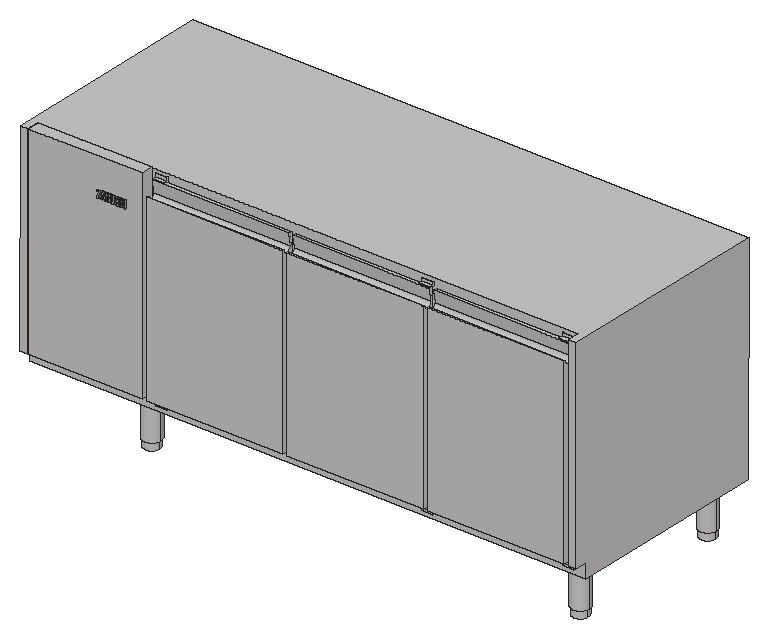
Revit family "QF_ZANUSSI_111036_ZH3H7AAA", category Specialty Equipment, Revit 2018 (continued)
Definition of nested family "ZAN_Cooling Unit"
  Lines and regions (mm)
    Split face 132
      outline origin (110.032, 2, -137.098) x (0, 0, 1) y (-1, 0, 0)
        loop
          arc (502.647, 116.535) -> (506.648, 112.533) -> (510.649, 116.535) r 4.001
          line (510.649, 116.535) -> (510.649, 158.547)
    Split face 133
      outline origin (110.032, 2, -149.101) x (0, 0, 1) y (-1, 0, 0)
        loop
          arc (510.649, 158.547) -> (506.648, 162.548) -> (502.647, 158.547) r 4.001
          line (502.647, 158.547) -> (502.647, 116.535)
          arc (502.647, 116.535) -> (506.648, 112.533) -> (510.649, 116.535) r 4.001
          line (510.649, 116.535) -> (510.649, 158.547)
    Split face 134
      outline origin (110.032, 2, -161.105) x (0, 0, 1) y (-1, 0, 0)
        loop
          arc (510.649, 158.547) -> (506.648, 162.548) -> (502.647, 158.547) r 4.001
          line (502.647, 158.547) -> (502.647, 116.535)
          arc (502.647, 116.535) -> (506.648, 112.533) -> (510.649, 116.535) r 4.001
          line (510.649, 116.535) -> (510.649, 158.547)
    Split face 135
      outline origin (110.032, 2, -173.108) x (0, 0, 1) y (-1, 0, 0)
        loop
          arc (510.649, 158.547) -> (506.648, 162.548) -> (502.647, 158.547) r 4.001
          line (502.647, 158.547) -> (502.647, 116.535)
          arc (502.647, 116.535) -> (506.648, 112.533) -> (510.649, 116.535) r 4.001
          line (510.649, 116.535) -> (510.649, 158.547)
    Split face 136
      outline origin (110.032, 2, -185.112) x (0, 0, 1) y (-1, 0, 0)
        loop
          arc (510.649, 158.547) -> (506.648, 162.548) -> (502.647, 158.547) r 4.001
          line (502.647, 158.547) -> (502.647, 116.535)
          arc (502.647, 116.535) -> (506.648, 112.533) -> (510.649, 116.535) r 4.001
          line (510.649, 116.535) -> (510.649, 158.547)
    Split face 137
      outline origin (110.032, 2, -197.115) x (0, 0, 1) y (-1, 0, 0)
        loop
          arc (510.649, 158.547) -> (506.648, 162.548) -> (502.647, 158.547) r 4.001
          line (502.647, 158.547) -> (502.647, 116.535)
          arc (502.647, 116.535) -> (506.648, 112.533) -> (510.649, 116.535) r 4.001
          line (510.649, 116.535) -> (510.649, 158.547)
    Split face 138
      outline origin (110.032, 2, -209.119) x (0, 0, 1) y (-1, 0, 0)
        loop
          arc (510.649, 158.547) -> (506.648, 162.548) -> (502.647, 158.547) r 4.001
          line (502.647, 158.547) -> (502.647, 116.535)
          arc (502.647, 116.535) -> (506.648, 112.533) -> (510.649, 116.535) r 4.001
          line (510.649, 116.535) -> (510.649, 158.547)
    Split face 139
      outline origin (110.032, 2, -221.122) x (0, 0, 1) y (-1, 0, 0)
        loop
          arc (510.649, 158.547) -> (506.648, 162.548) -> (502.647, 158.547) r 4.001
          line (502.647, 158.547) -> (502.647, 116.535)
          arc (502.647, 116.535) -> (506.648, 112.533) -> (510.649, 116.535) r 4.001
          line (510.649, 116.535) -> (510.649, 158.547)
    Split face 140
      outline origin (110.032, 2, -233.126) x (0, 0, 1) y (-1, 0, 0)
        loop
          arc (510.649, 158.547) -> (506.648, 162.548) -> (502.647, 158.547) r 4.001
          line (502.647, 158.547) -> (502.647, 116.535)
          arc (502.647, 116.535) -> (506.648, 112.533) -> (510.649, 116.535) r 4.001
          line (510.649, 116.535) -> (510.649, 158.547)
    Split face 141
      outline origin (110.032, 2, -245.129) x (0, 0, 1) y (-1, 0, 0)
        loop
          arc (510.649, 158.547) -> (506.648, 162.548) -> (502.647, 158.547) r 4.001
          line (502.647, 158.547) -> (502.647, 116.535)
          arc (502.647, 116.535) -> (506.648, 112.533) -> (510.649, 116.535) r 4.001
          line (510.649, 116.535) -> (510.649, 158.547)
    Split face 142
      outline origin (110.032, 2, -257.133) x (0, 0, 1) y (-1, 0, 0)
        loop
          arc (510.649, 158.547) -> (506.648, 162.548) -> (502.647, 158.547) r 4.001
          line (502.647, 158.547) -> (502.647, 116.535)
          arc (502.647, 116.535) -> (506.648, 112.533) -> (510.649, 116.535) r 4.001
          line (510.649, 116.535) -> (510.649, 158.547)
    Split face 143
      outline origin (110.032, 2, -269.136) x (0, 0, 1) y (-1, 0, 0)
        loop
          arc (510.649, 158.547) -> (506.648, 162.548) -> (502.647, 158.547) r 4.001
          line (502.647, 158.547) -> (502.647, 116.535)
          arc (502.647, 116.535) -> (506.648, 112.533) -> (510.649, 116.535) r 4.001
          line (510.649, 116.535) -> (510.649, 158.547)
    Split face 144
      outline origin (110.032, 2, -281.14) x (0, 0, 1) y (-1, 0, 0)
        loop
          arc (510.649, 158.547) -> (506.648, 162.548) -> (502.647, 158.547) r 4.001
          line (502.647, 158.547) -> (502.647, 116.535)
          arc (502.647, 116.535) -> (506.648, 112.533) -> (510.649, 116.535) r 4.001
          line (510.649, 116.535) -> (510.649, 158.547)
    Split face 145
      outline origin (110.032, 2, -293.144) x (0, 0, 1) y (-1, 0, 0)
        loop
          arc (510.649, 158.547) -> (506.648, 162.548) -> (502.647, 158.547) r 4.001
          line (502.647, 158.547) -> (502.647, 116.535)
          arc (502.647, 116.535) -> (506.648, 112.533) -> (510.649, 116.535) r 4.001
          line (510.649, 116.535) -> (510.649, 158.547)
    Split face 146
      outline origin (165.048, 2, -113.091) x (0, 0, 1) y (-1, 0, 0)
        loop
          arc (510.649, 158.547) -> (506.648, 162.548) -> (502.647, 158.547) r 4.001
          line (502.647, 158.547) -> (502.647, 116.535)
          arc (502.647, 116.535) -> (506.648, 112.533) -> (510.649, 116.535) r 4.001
          line (510.649, 116.535) -> (510.649, 158.547)
    Split face 147
      outline origin (165.048, 2, -125.094) x (0, 0, 1) y (-1, 0, 0)
        loop
          arc (510.649, 158.547) -> (506.648, 162.548) -> (502.647, 158.547) r 4.001
          line (502.647, 158.547) -> (502.647, 116.535)
          arc (502.647, 116.535) -> (506.648, 112.533) -> (510.649, 116.535) r 4.001
          line (510.649, 116.535) -> (510.649, 158.547)
    Split face 148
      outline origin (165.048, 2, -137.098) x (0, 0, 1) y (-1, 0, 0)
        loop
          arc (510.649, 158.547) -> (506.648, 162.548) -> (502.647, 158.547) r 4.001
          line (502.647, 158.547) -> (502.647, 116.535)
          arc (502.647, 116.535) -> (506.648, 112.533) -> (510.649, 116.535) r 4.001
          line (510.649, 116.535) -> (510.649, 158.547)
    Split face 149
      outline origin (165.048, 2, -149.101) x (0, 0, 1) y (-1, 0, 0)
        loop
          arc (510.649, 158.547) -> (506.648, 162.548) -> (502.647, 158.547) r 4.001
          line (502.647, 158.547) -> (502.647, 116.535)
          arc (502.647, 116.535) -> (506.648, 112.533) -> (510.649, 116.535) r 4.001
          line (510.649, 116.535) -> (510.649, 158.547)
    Split face 150
      outline origin (165.048, 2, -161.105) x (0, 0, 1) y (-1, 0, 0)
        loop
          arc (510.649, 158.547) -> (506.648, 162.548) -> (502.647, 158.547) r 4.001
          line (502.647, 158.547) -> (502.647, 116.535)
          arc (502.647, 116.535) -> (506.648, 112.533) -> (510.649, 116.535) r 4.001
          line (510.649, 116.535) -> (510.649, 158.547)
    Split face 151
      outline origin (165.048, 2, -173.108) x (0, 0, 1) y (-1, 0, 0)
        loop
          arc (510.649, 158.547) -> (506.648, 162.548) -> (502.647, 158.547) r 4.001
          line (502.647, 158.547) -> (502.647, 116.535)
          arc (502.647, 116.535) -> (506.648, 112.533) -> (510.649, 116.535) r 4.001
          line (510.649, 116.535) -> (510.649, 158.547)
    Split face 152
      outline origin (165.048, 2, -185.112) x (0, 0, 1) y (-1, 0, 0)
        loop
          arc (510.649, 158.547) -> (506.648, 162.548) -> (502.647, 158.547) r 4.001
          line (502.647, 158.547) -> (502.647, 116.535)
          arc (502.647, 116.535) -> (506.648, 112.533) -> (510.649, 116.535) r 4.001
          line (510.649, 116.535) -> (510.649, 158.547)
    Split face 153
      outline origin (165.048, 2, -197.115) x (0, 0, 1) y (-1, 0, 0)
        loop
          arc (510.649, 158.547) -> (506.648, 162.548) -> (502.647, 158.547) r 4.001
          line (502.647, 158.547) -> (502.647, 116.535)
          arc (502.647, 116.535) -> (506.648, 112.533) -> (510.649, 116.535) r 4.001
          line (510.649, 116.535) -> (510.649, 158.547)
    Split face 154
      outline origin (165.048, 2, -209.119) x (0, 0, 1) y (-1, 0, 0)
        loop
          arc (510.649, 158.547) -> (506.648, 162.548) -> (502.647, 158.547) r 4.001
          line (502.647, 158.547) -> (502.647, 116.535)
          arc (502.647, 116.535) -> (506.648, 112.533) -> (510.649, 116.535) r 4.001
          line (510.649, 116.535) -> (510.649, 158.547)
    Split face 155
      outline origin (165.048, 2, -221.122) x (0, 0, 1) y (-1, 0, 0)
        loop
          arc (510.649, 158.547) -> (506.648, 162.548) -> (502.647, 158.547) r 4.001
          line (502.647, 158.547) -> (502.647, 116.535)
          arc (502.647, 116.535) -> (506.648, 112.533) -> (510.649, 116.535) r 4.001
          line (510.649, 116.535) -> (510.649, 158.547)
    Split face 156
      outline origin (165.048, 2, -233.126) x (0, 0, 1) y (-1, 0, 0)
        loop
          arc (510.649, 158.547) -> (506.648, 162.548) -> (502.647, 158.547) r 4.001
          line (502.647, 158.547) -> (502.647, 116.535)
          arc (502.647, 116.535) -> (506.648, 112.533) -> (510.649, 116.535) r 4.001
          line (510.649, 116.535) -> (510.649, 158.547)
    Split face 157
      outline origin (165.048, 2, -245.129) x (0, 0, 1) y (-1, 0, 0)
        loop
          arc (510.649, 158.547) -> (506.648, 162.548) -> (502.647, 158.547) r 4.001
          line (502.647, 158.547) -> (502.647, 116.535)
          arc (502.647, 116.535) -> (506.648, 112.533) -> (510.649, 116.535) r 4.001
          line (510.649, 116.535) -> (510.649, 158.547)
    Split face 158
      outline origin (165.048, 2, -257.133) x (0, 0, 1) y (-1, 0, 0)
        loop
          arc (510.649, 158.547) -> (506.648, 162.548) -> (502.647, 158.547) r 4.001
          line (502.647, 158.547) -> (502.647, 116.535)
          arc (502.647, 116.535) -> (506.648, 112.533) -> (510.649, 116.535) r 4.001
          line (510.649, 116.535) -> (510.649, 158.547)
    Split face 159
      outline origin (165.048, 2, -269.136) x (0, 0, 1) y (-1, 0, 0)
        loop
          arc (510.649, 158.547) -> (506.648, 162.548) -> (502.647, 158.547) r 4.001
          line (502.647, 158.547) -> (502.647, 116.535)
          arc (502.647, 116.535) -> (506.648, 112.533) -> (510.649, 116.535) r 4.001
          line (510.649, 116.535) -> (510.649, 158.547)
    Split face 160
      outline origin (165.048, 2, -281.14) x (0, 0, 1) y (-1, 0, 0)
        loop
          arc (510.649, 158.547) -> (506.648, 162.548) -> (502.647, 158.547) r 4.001
          line (502.647, 158.547) -> (502.647, 116.535)
          arc (502.647, 116.535) -> (506.648, 112.533) -> (510.649, 116.535) r 4.001
          line (510.649, 116.535) -> (510.649, 158.547)
    Split face 161
      outline origin (165.048, 2, -293.144) x (0, 0, 1) y (-1, 0, 0)
        loop
          arc (510.649, 158.547) -> (506.648, 162.548) -> (502.647, 158.547) r 4.001
          line (502.647, 158.547) -> (502.647, 116.535)
          arc (502.647, 116.535) -> (506.648, 112.533) -> (510.649, 116.535) r 4.001
          line (510.649, 116.535) -> (510.649, 158.547)
    Split face 162
      outline origin (220.064, 2, -113.091) x (0, 0, 1) y (-1, 0, 0)
        loop
          arc (510.649, 158.547) -> (506.648, 162.548) -> (502.647, 158.547) r 4.001
          line (502.647, 158.547) -> (502.647, 116.535)
          arc (502.647, 116.535) -> (506.648, 112.533) -> (510.649, 116.535) r 4.001
          line (510.649, 116.535) -> (510.649, 158.547)
    Split face 163
      outline origin (220.064, 2, -125.094) x (0, 0, 1) y (-1, 0, 0)
        loop
          arc (510.649, 158.547) -> (506.648, 162.548) -> (502.647, 158.547) r 4.001
          line (502.647, 158.547) -> (502.647, 116.535)
          arc (502.647, 116.535) -> (506.648, 112.533) -> (510.649, 116.535) r 4.001
          line (510.649, 116.535) -> (510.649, 158.547)
    Split face 164
      outline origin (220.064, 2, -137.098) x (0, 0, 1) y (-1, 0, 0)
        loop
          arc (510.649, 158.547) -> (506.648, 162.548) -> (502.647, 158.547) r 4.001
          line (502.647, 158.547) -> (502.647, 116.535)
          arc (502.647, 116.535) -> (506.648, 112.533) -> (510.649, 116.535) r 4.001
          line (510.649, 116.535) -> (510.649, 158.547)
    Split face 165
      outline origin (220.064, 2, -149.101) x (0, 0, 1) y (-1, 0, 0)
        loop
          arc (510.649, 158.547) -> (506.648, 162.548) -> (502.647, 158.547) r 4.001
          line (502.647, 158.547) -> (502.647, 116.535)
          arc (502.647, 116.535) -> (506.648, 112.533) -> (510.649, 116.535) r 4.001
          line (510.649, 116.535) -> (510.649, 158.547)
    Split face 166
      outline origin (220.064, 2, -161.105) x (0, 0, 1) y (-1, 0, 0)
        loop
          arc (510.649, 158.547) -> (506.648, 162.548) -> (502.647, 158.547) r 4.001
          line (502.647, 158.547) -> (502.647, 116.535)
          arc (502.647, 116.535) -> (506.648, 112.533) -> (510.649, 116.535) r 4.001
          line (510.649, 116.535) -> (510.649, 158.547)
    Split face 167
      outline origin (220.064, 2, -173.108) x (0, 0, 1) y (-1, 0, 0)
        loop
          arc (510.649, 158.547) -> (506.648, 162.548) -> (502.647, 158.547) r 4.001
          line (502.647, 158.547) -> (502.647, 116.535)
          arc (502.647, 116.535) -> (506.648, 112.533) -> (510.649, 116.535) r 4.001
          line (510.649, 116.535) -> (510.649, 158.547)
    Split face 168
      outline origin (220.064, 2, -185.112) x (0, 0, 1) y (-1, 0, 0)
        loop
          arc (510.649, 158.547) -> (506.648, 162.548) -> (502.647, 158.547) r 4.001
          line (502.647, 158.547) -> (502.647, 116.535)
          arc (502.647, 116.535) -> (506.648, 112.533) -> (510.649, 116.535) r 4.001
          line (510.649, 116.535) -> (510.649, 158.547)
    Split face 169
      outline origin (220.064, 2, -197.115) x (0, 0, 1) y (-1, 0, 0)
        loop
          arc (510.649, 158.547) -> (506.648, 162.548) -> (502.647, 158.547) r 4.001
          line (502.647, 158.547) -> (502.647, 116.535)
          arc (502.647, 116.535) -> (506.648, 112.533) -> (510.649, 116.535) r 4.001
          line (510.649, 116.535) -> (510.649, 158.547)
    Split face 170
      outline origin (220.064, 2, -209.119) x (0, 0, 1) y (-1, 0, 0)
        loop
          arc (510.649, 158.547) -> (506.648, 162.548) -> (502.647, 158.547) r 4.001
          line (502.647, 158.547) -> (502.647, 116.535)
          arc (502.647, 116.535) -> (506.648, 112.533) -> (510.649, 116.535) r 4.001
          line (510.649, 116.535) -> (510.649, 158.547)
    Split face 171
      outline origin (220.064, 2, -221.122) x (0, 0, 1) y (-1, 0, 0)
        loop
          arc (510.649, 158.547) -> (506.648, 162.548) -> (502.647, 158.547) r 4.001
          line (502.647, 158.547) -> (502.647, 116.535)
          arc (502.647, 116.535) -> (506.648, 112.533) -> (510.649, 116.535) r 4.001
          line (510.649, 116.535) -> (510.649, 158.547)
    Split face 172
      outline origin (220.064, 2, -233.126) x (0, 0, 1) y (-1, 0, 0)
        loop
          arc (510.649, 158.547) -> (506.648, 162.548) -> (502.647, 158.547) r 4.001
          line (502.647, 158.547) -> (502.647, 116.535)
          arc (502.647, 116.535) -> (506.648, 112.533) -> (510.649, 116.535) r 4.001
          line (510.649, 116.535) -> (510.649, 158.547)
    Split face 173
      outline origin (220.064, 2, -245.129) x (0, 0, 1) y (-1, 0, 0)
        loop
          arc (510.649, 158.547) -> (506.648, 162.548) -> (502.647, 158.547) r 4.001
          line (502.647, 158.547) -> (502.647, 116.535)
          arc (502.647, 116.535) -> (506.648, 112.533) -> (510.649, 116.535) r 4.001
          line (510.649, 116.535) -> (510.649, 158.547)
    Split face 174
      outline origin (220.064, 2, -257.133) x (0, 0, 1) y (-1, 0, 0)
        loop
          arc (510.649, 158.547) -> (506.648, 162.548) -> (502.647, 158.547) r 4.001
          line (502.647, 158.547) -> (502.647, 116.535)
          arc (502.647, 116.535) -> (506.648, 112.533) -> (510.649, 116.535) r 4.001
          line (510.649, 116.535) -> (510.649, 158.547)
    Split face 175
      outline origin (220.064, 2, -269.136) x (0, 0, 1) y (-1, 0, 0)
        loop
          arc (510.649, 158.547) -> (506.648, 162.548) -> (502.647, 158.547) r 4.001
          line (502.647, 158.547) -> (502.647, 116.535)
          arc (502.647, 116.535) -> (506.648, 112.533) -> (510.649, 116.535) r 4.001
          line (510.649, 116.535) -> (510.649, 158.547)
    Split face 176
      outline origin (220.064, 2, -281.14) x (0, 0, 1) y (-1, 0, 0)
        loop
          arc (510.649, 158.547) -> (506.648, 162.548) -> (502.647, 158.547) r 4.001
          line (502.647, 158.547) -> (502.647, 116.535)
          arc (502.647, 116.535) -> (506.648, 112.533) -> (510.649, 116.535) r 4.001
          line (510.649, 116.535) -> (510.649, 158.547)
    Split face 177
      outline origin (220.064, 2, -293.144) x (0, 0, 1) y (-1, 0, 0)
        loop
          arc (510.649, 158.547) -> (506.648, 162.548) -> (502.647, 158.547) r 4.001
          line (502.647, 158.547) -> (502.647, 116.535)
          arc (502.647, 116.535) -> (506.648, 112.533) -> (510.649, 116.535) r 4.001
          line (510.649, 116.535) -> (510.649, 158.547)
    Split face 178
      outline origin (275.081, 2, -113.091) x (0, 0, 1) y (-1, 0, 0)
        loop
          arc (510.649, 158.547) -> (506.648, 162.548) -> (502.647, 158.547) r 4.001
          line (502.647, 158.547) -> (502.647, 116.535)
          arc (502.647, 116.535) -> (506.648, 112.533) -> (510.649, 116.535) r 4.001
          line (510.649, 116.535) -> (510.649, 158.547)
    Split face 179
      outline origin (275.081, 2, -125.094) x (0, 0, 1) y (-1, 0, 0)
        loop
          arc (510.649, 158.547) -> (506.648, 162.548) -> (502.647, 158.547) r 4.001
          line (502.647, 158.547) -> (502.647, 116.535)
          arc (502.647, 116.535) -> (506.648, 112.533) -> (510.649, 116.535) r 4.001
          line (510.649, 116.535) -> (510.649, 158.547)
    Split face 180
      outline origin (275.081, 2, -137.098) x (0, 0, 1) y (-1, 0, 0)
        loop
          arc (510.649, 158.547) -> (506.648, 162.548) -> (502.647, 158.547) r 4.001
          line (502.647, 158.547) -> (502.647, 116.535)
          arc (502.647, 116.535) -> (506.648, 112.533) -> (510.649, 116.535) r 4.001
          line (510.649, 116.535) -> (510.649, 158.547)
    Split face 181
      outline origin (275.081, 2, -149.101) x (0, 0, 1) y (-1, 0, 0)
        loop
          arc (510.649, 158.547) -> (506.648, 162.548) -> (502.647, 158.547) r 4.001
          line (502.647, 158.547) -> (502.647, 116.535)
          arc (502.647, 116.535) -> (506.648, 112.533) -> (510.649, 116.535) r 4.001
          line (510.649, 116.535) -> (510.649, 158.547)
    Split face 182
      outline origin (275.081, 2, -161.105) x (0, 0, 1) y (-1, 0, 0)
        loop
          arc (510.649, 158.547) -> (506.648, 162.548) -> (502.647, 158.547) r 4.001
          line (502.647, 158.547) -> (502.647, 116.535)
          arc (502.647, 116.535) -> (506.648, 112.533) -> (510.649, 116.535) r 4.001
          line (510.649, 116.535) -> (510.649, 158.547)
    Split face 183
      outline origin (275.081, 2, -173.108) x (0, 0, 1) y (-1, 0, 0)
        loop
          arc (510.649, 158.547) -> (506.648, 162.548) -> (502.647, 158.547) r 4.001
          line (502.647, 158.547) -> (502.647, 116.535)
          arc (502.647, 116.535) -> (506.648, 112.533) -> (510.649, 116.535) r 4.001
          line (510.649, 116.535) -> (510.649, 158.547)
    Split face 184
      outline origin (275.081, 2, -185.112) x (0, 0, 1) y (-1, 0, 0)
        loop
          arc (510.649, 158.547) -> (506.648, 162.548) -> (502.647, 158.547) r 4.001
          line (502.647, 158.547) -> (502.647, 116.535)
          arc (502.647, 116.535) -> (506.648, 112.533) -> (510.649, 116.535) r 4.001
          line (510.649, 116.535) -> (510.649, 158.547)
    Split face 185
      outline origin (275.081, 2, -197.115) x (0, 0, 1) y (-1, 0, 0)
        loop
          arc (510.649, 158.547) -> (506.648, 162.548) -> (502.647, 158.547) r 4.001
          line (502.647, 158.547) -> (502.647, 116.535)
          arc (502.647, 116.535) -> (506.648, 112.533) -> (510.649, 116.535) r 4.001
          line (510.649, 116.535) -> (510.649, 158.547)
    Split face 186
      outline origin (275.081, 2, -209.119) x (0, 0, 1) y (-1, 0, 0)
        loop
          arc (510.649, 158.547) -> (506.648, 162.548) -> (502.647, 158.547) r 4.001
          line (502.647, 158.547) -> (502.647, 116.535)
          arc (502.647, 116.535) -> (506.648, 112.533) -> (510.649, 116.535) r 4.001
          line (510.649, 116.535) -> (510.649, 158.547)
    Split face 187
      outline origin (275.081, 2, -221.122) x (0, 0, 1) y (-1, 0, 0)
        loop
          arc (510.649, 158.547) -> (506.648, 162.548) -> (502.647, 158.547) r 4.001
          line (502.647, 158.547) -> (502.647, 116.535)
          arc (502.647, 116.535) -> (506.648, 112.533) -> (510.649, 116.535) r 4.001
          line (510.649, 116.535) -> (510.649, 158.547)
    Split face 188
      outline origin (275.081, 2, -233.126) x (0, 0, 1) y (-1, 0, 0)
        loop
          arc (510.649, 158.547) -> (506.648, 162.548) -> (502.647, 158.547) r 4.001
          line (502.647, 158.547) -> (502.647, 116.535)
          arc (502.647, 116.535) -> (506.648, 112.533) -> (510.649, 116.535) r 4.001
          line (510.649, 116.535) -> (510.649, 158.547)
    Split face 189
      outline origin (275.081, 2, -245.129) x (0, 0, 1) y (-1, 0, 0)
        loop
          arc (510.649, 158.547) -> (506.648, 162.548) -> (502.647, 158.547) r 4.001
          line (502.647, 158.547) -> (502.647, 116.535)
          arc (502.647, 116.535) -> (506.648, 112.533) -> (510.649, 116.535) r 4.001
          line (510.649, 116.535) -> (510.649, 158.547)
    Split face 190
      outline origin (275.081, 2, -257.133) x (0, 0, 1) y (-1, 0, 0)
        loop
          arc (510.649, 158.547) -> (506.648, 162.548) -> (502.647, 158.547) r 4.001
          line (502.647, 158.547) -> (502.647, 116.535)
          arc (502.647, 116.535) -> (506.648, 112.533) -> (510.649, 116.535) r 4.001
          line (510.649, 116.535) -> (510.649, 158.547)
    Split face 191
      outline origin (275.081, 2, -269.136) x (0, 0, 1) y (-1, 0, 0)
        loop
          arc (510.649, 158.547) -> (506.648, 162.548) -> (502.647, 158.547) r 4.001
          line (502.647, 158.547) -> (502.647, 116.535)
          arc (502.647, 116.535) -> (506.648, 112.533) -> (510.649, 116.535) r 4.001
          line (510.649, 116.535) -> (510.649, 158.547)
    Split face 192
      outline origin (275.081, 2, -281.14) x (0, 0, 1) y (-1, 0, 0)
        loop
          arc (510.649, 158.547) -> (506.648, 162.548) -> (502.647, 158.547) r 4.001
          line (502.647, 158.547) -> (502.647, 116.535)
          arc (502.647, 116.535) -> (506.648, 112.533) -> (510.649, 116.535) r 4.001
          line (510.649, 116.535) -> (510.649, 158.547)
    Split face 193
      outline origin (275.081, 2, -293.144) x (0, 0, 1) y (-1, 0, 0)
        loop
          arc (510.649, 158.547) -> (506.648, 162.548) -> (502.647, 158.547) r 4.001
          line (502.647, 158.547) -> (502.647, 116.535)
          arc (502.647, 116.535) -> (506.648, 112.533) -> (510.649, 116.535) r 4.001
          line (510.649, 116.535) -> (510.649, 158.547)
    Split face 194
      outline origin (0, 2, 197) x (0, 0, 1) y (-1, 0, 0)
        loop
          spline (566.835, 20.381) -> (564.628, 19.058) -> (561.987, 18.027) -> (558.955, 17.386) -> (555.581, 17.244) -> (551.912, 17.703) -> (547.993, 18.863) -> (543.871, 20.83) -> (539.591, 23.706) -> (535.202, 27.594) -> (530.748, 32.597) -> (526.28, 38.824) -> (521.835, 46.362)
        loop
          spline (521.835, 58.392) -> (525.386, 49.242) -> (529.197, 41.481) -> (533.2, 35.023) -> (537.329, 29.786) -> (541.516, 25.684) -> (545.695, 22.634) -> (549.798, 20.552) -> (553.759, 19.355) -> (557.511, 18.958) -> (560.984, 19.275) -> (564.115, 20.227) -> (566.835, 21.726)
    Split face 195
      outline origin (0, 2, 197) x (0, 0, 1) y (-1, 0, 0)
        loop
          line (555.835, 149.5) -> (532.835, 149.5) -> (532.835, 94.5) -> (555.835, 94.5) -> (555.835, 149.5)
  Dimensions and locks
    aligned and locked: level to plane 2
  Nested families
    nested 1: "ZAN_Logo_S_Grey" at (85, 2, 741.213) x (1, 0, 0) z (0, -1, 0), visible <- "Show Logo", type "ZAN_Logo_S_Grey"
  Definition of nested family "ZAN_Logo_S_Grey"
    Parameters
      Default Elevation = 0 mm
    Reference planes
      plane 1 "Centro (Fronte/Retro)": y = 0
      plane 2: z = 0
      plane 3 "Centro (Sinistra/Destra)": x = 0
    Forms (mm)
      Extrusion 1, solid
        sketch origin (0, 0, 0) x (1, 0, 0) y (0, 1, 0)
          loop
            line (-1219.2, 1219.2) -> (-1219.2, -1219.2) -> (1219.2, -1219.2) -> (1219.2, 1219.2) -> (-1219.2, 1219.2)
        from 0 to -304.8
      Extrusion 2, solid
        sketch origin (17.793, -46.218, 0) x (-1, 0, 0) y (0, -1, 0)
          loop
            spline (-4.176, -58.079) -> (-3.496, -58.328) -> (-2.793, -58.512) -> (-2.075, -58.63) -> (-1.348, -58.682) -> (-0.619, -58.669) -> (0.106, -58.588) -> (0.818, -58.44) -> (1.512, -58.225) -> (2.18, -57.941) -> (2.817, -57.589) -> (3.414, -57.167) -> (3.966, -56.676)
            spline (3.966, -56.676) -> (4.293, -56.162) -> (4.575, -55.61) -> (4.81, -55.026) -> (5, -54.419) -> (5.146, -53.797) -> (5.247, -53.166) -> (5.304, -52.536) -> (5.318, -51.913) -> (5.288, -51.306) -> (5.217, -50.723) -> (5.103, -50.17) -> (4.949, -49.657)
            line (4.949, -49.657) -> (2.702, -46.428) -> (0.316, -44.323)
            spline (0.316, -44.323) -> (0.065, -44.115) -> (-0.195, -43.909) -> (-0.46, -43.704) -> (-0.729, -43.496) -> (-0.997, -43.282) -> (-1.263, -43.059) -> (-1.523, -42.825) -> (-1.774, -42.576) -> (-2.013, -42.309) -> (-2.238, -42.022) -> (-2.445, -41.712) -> (-2.632, -41.375)
            spline (-2.632, -41.375) -> (-2.666, -41.159) -> (-2.697, -40.934) -> (-2.722, -40.701) -> (-2.736, -40.465) -> (-2.736, -40.227) -> (-2.72, -39.989) -> (-2.682, -39.754) -> (-2.621, -39.524) -> (-2.533, -39.302) -> (-2.414, -39.091) -> (-2.261, -38.892) -> (-2.07, -38.708)
            line (-2.07, -38.708) -> (-0.245, -38.567)
            spline (-0.245, -38.567) -> (0.096, -38.8) -> (0.354, -39.074) -> (0.54, -39.381) -> (0.664, -39.716) -> (0.738, -40.073) -> (0.772, -40.445) -> (0.777, -40.825) -> (0.763, -41.208) -> (0.742, -41.588) -> (0.723, -41.957) -> (0.718, -42.309) -> (0.737, -42.638)
            line (0.737, -42.638) -> (5.65, -42.638)
            spline (5.65, -42.638) -> (5.708, -42.042) -> (5.741, -41.448) -> (5.747, -40.857) -> (5.723, -40.273) -> (5.668, -39.696) -> (5.58, -39.129) -> (5.457, -38.574) -> (5.297, -38.032) -> (5.098, -37.506) -> (4.857, -36.997) -> (4.574, -36.508) -> (4.247, -36.041)
            spline (4.247, -36.041) -> (3.844, -35.675) -> (3.409, -35.35) -> (2.946, -35.065) -> (2.458, -34.819) -> (1.949, -34.612) -> (1.421, -34.444) -> (0.88, -34.314) -> (0.326, -34.221) -> (-0.234, -34.165) -> (-0.8, -34.146) -> (-1.366, -34.163) -> (-1.93, -34.216)
            spline (-1.93, -34.216) -> (-2.526, -34.309) -> (-3.116, -34.448) -> (-3.695, -34.633) -> (-4.259, -34.861) -> (-4.801, -35.131) -> (-5.316, -35.444) -> (-5.799, -35.798) -> (-6.245, -36.191) -> (-6.648, -36.624) -> (-7.002, -37.095) -> (-7.303, -37.603) -> (-7.545, -38.146)
            spline (-7.545, -38.146) -> (-7.694, -38.815) -> (-7.792, -39.487) -> (-7.839, -40.158) -> (-7.836, -40.824) -> (-7.785, -41.482) -> (-7.685, -42.129) -> (-7.539, -42.762) -> (-7.347, -43.377) -> (-7.111, -43.97) -> (-6.83, -44.538) -> (-6.506, -45.078) -> (-6.141, -45.586)
            line (-6.141, -45.586) -> (-0.526, -50.64) -> (0.176, -51.482)
            spline (0.176, -51.482) -> (0.248, -51.66) -> (0.323, -51.843) -> (0.397, -52.03) -> (0.467, -52.22) -> (0.529, -52.412) -> (0.579, -52.605) -> (0.615, -52.798) -> (0.633, -52.989) -> (0.63, -53.179) -> (0.601, -53.366) -> (0.545, -53.55) -> (0.456, -53.728)
            spline (0.456, -53.728) -> (0.375, -53.892) -> (0.273, -54.034) -> (0.154, -54.155) -> (0.02, -54.258) -> (-0.126, -54.343) -> (-0.28, -54.412) -> (-0.441, -54.466) -> (-0.604, -54.508) -> (-0.767, -54.537) -> (-0.928, -54.556) -> (-1.082, -54.567) -> (-1.228, -54.57)
            line (-1.228, -54.57) -> (-2.632, -53.587) -> (-2.772, -50.64) -> (-7.405, -50.64)
            spline (-7.405, -50.64) -> (-7.41, -51.031) -> (-7.423, -51.432) -> (-7.44, -51.839) -> (-7.456, -52.251) -> (-7.469, -52.665) -> (-7.475, -53.079) -> (-7.468, -53.489) -> (-7.446, -53.894) -> (-7.404, -54.291) -> (-7.339, -54.679) -> (-7.247, -55.053) -> (-7.123, -55.412)
            spline (-7.123, -55.412) -> (-6.999, -55.693) -> (-6.837, -55.97) -> (-6.643, -56.244) -> (-6.422, -56.509) -> (-6.177, -56.765) -> (-5.913, -57.009) -> (-5.634, -57.238) -> (-5.346, -57.45) -> (-5.051, -57.643) -> (-4.755, -57.814) -> (-4.462, -57.96) -> (-4.176, -58.079)
          loop
            spline (-21.021, -55.552) -> (-20.633, -56.181) -> (-20.177, -56.736) -> (-19.661, -57.217) -> (-19.092, -57.627) -> (-18.478, -57.966) -> (-17.827, -58.237) -> (-17.147, -58.441) -> (-16.446, -58.578) -> (-15.73, -58.652) -> (-15.009, -58.662) -> (-14.29, -58.611) -> (-13.581, -58.5)
            spline (-13.581, -58.5) -> (-13.088, -58.407) -> (-12.595, -58.269) -> (-12.109, -58.088) -> (-11.636, -57.866) -> (-11.183, -57.605) -> (-10.756, -57.307) -> (-10.361, -56.974) -> (-10.004, -56.608) -> (-9.692, -56.211) -> (-9.431, -55.784) -> (-9.228, -55.33) -> (-9.089, -54.851)
            spline (-9.089, -54.851) -> (-8.873, -54.211) -> (-8.715, -53.559) -> (-8.615, -52.901) -> (-8.574, -52.241) -> (-8.592, -51.585) -> (-8.668, -50.938) -> (-8.802, -50.306) -> (-8.995, -49.693) -> (-9.247, -49.106) -> (-9.557, -48.55) -> (-9.925, -48.03) -> (-10.352, -47.551)
            line (-10.352, -47.551) -> (-15.546, -42.919) -> (-16.669, -41.234)
            spline (-16.669, -41.234) -> (-16.704, -41.021) -> (-16.735, -40.804) -> (-16.761, -40.583) -> (-16.778, -40.361) -> (-16.784, -40.139) -> (-16.774, -39.919) -> (-16.748, -39.701) -> (-16.7, -39.488) -> (-16.63, -39.28) -> (-16.533, -39.08) -> (-16.406, -38.889) -> (-16.248, -38.708)
            line (-16.248, -38.708) -> (-14.844, -38.427)
            spline (-14.844, -38.427) -> (-14.347, -38.545) -> (-13.969, -38.749) -> (-13.695, -39.028) -> (-13.508, -39.368) -> (-13.393, -39.757) -> (-13.335, -40.182) -> (-13.318, -40.63) -> (-13.326, -41.089) -> (-13.344, -41.546) -> (-13.356, -41.988) -> (-13.347, -42.403) -> (-13.3, -42.779)
            line (-13.3, -42.779) -> (-8.387, -42.638)
            spline (-8.387, -42.638) -> (-8.326, -42.034) -> (-8.288, -41.417) -> (-8.277, -40.794) -> (-8.299, -40.169) -> (-8.357, -39.548) -> (-8.457, -38.936) -> (-8.604, -38.339) -> (-8.803, -37.762) -> (-9.058, -37.21) -> (-9.375, -36.689) -> (-9.758, -36.204) -> (-10.212, -35.76)
            spline (-10.212, -35.76) -> (-10.793, -35.336) -> (-11.409, -34.976) -> (-12.054, -34.679) -> (-12.723, -34.445) -> (-13.409, -34.273) -> (-14.107, -34.163) -> (-14.811, -34.115) -> (-15.515, -34.127) -> (-16.213, -34.2) -> (-16.899, -34.333) -> (-17.568, -34.526) -> (-18.213, -34.777)
            spline (-18.213, -34.777) -> (-18.496, -34.897) -> (-18.783, -35.044) -> (-19.071, -35.216) -> (-19.357, -35.412) -> (-19.639, -35.629) -> (-19.915, -35.865) -> (-20.182, -36.119) -> (-20.438, -36.389) -> (-20.681, -36.672) -> (-20.907, -36.967) -> (-21.115, -37.272) -> (-21.301, -37.585)
            spline (-21.301, -37.585) -> (-21.55, -38.26) -> (-21.734, -38.948) -> (-21.854, -39.647) -> (-21.91, -40.351) -> (-21.901, -41.057) -> (-21.828, -41.761) -> (-21.69, -42.459) -> (-21.489, -43.148) -> (-21.222, -43.823) -> (-20.892, -44.48) -> (-20.497, -45.116) -> (-20.038, -45.726)
            line (-20.038, -45.726) -> (-14.142, -51.061) -> (-13.44, -52.886) -> (-14.002, -54.289) -> (-15.265, -54.57) -> (-16.669, -53.587) -> (-16.81, -50.78) -> (-21.582, -50.64)
            spline (-21.582, -50.64) -> (-21.558, -51.063) -> (-21.55, -51.491) -> (-21.554, -51.92) -> (-21.561, -52.35) -> (-21.567, -52.778) -> (-21.565, -53.201) -> (-21.547, -53.619) -> (-21.509, -54.029) -> (-21.444, -54.43) -> (-21.345, -54.818) -> (-21.206, -55.193) -> (-21.021, -55.552)
          loop
            line (-22.424, -34.216) -> (-27.337, -34.216) -> (-27.337, -58.22) -> (-22.424, -58.22) -> (-22.424, -34.216)
          loop
            line (14.213, -39.971) -> (14.213, -58.22) -> (19.126, -58.22) -> (19.126, -42.077) -> (18.845, -38.146) -> (18.424, -37.164) -> (17.442, -35.9) -> (16.459, -35.199) -> (14.494, -34.356) -> (13.511, -34.216) -> (11.265, -34.216) -> (10.142, -34.497) -> (8.458, -35.479) -> (6.493, -38.287) -> (6.352, -39.269) -> (6.352, -58.22) -> (11.265, -58.22) -> (11.265, -40.392) -> (11.827, -39.129) -> (13.371, -38.988) -> (14.213, -39.971)
          loop
            line (20.249, -58.22) -> (24.741, -58.22) -> (24.741, -42.919) -> (28.812, -58.22) -> (34.006, -58.22) -> (34.006, -34.216) -> (29.654, -34.216) -> (29.654, -50.078) -> (25.583, -34.216) -> (20.249, -34.216) -> (20.249, -58.22)
          loop
            line (50.149, -58.22) -> (62.361, -58.22) -> (62.361, -53.728) -> (55.904, -53.868) -> (62.923, -39.129) -> (62.923, -34.216) -> (50.149, -34.216) -> (50.149, -39.129) -> (57.517, -39.129) -> (50.149, -54.149) -> (50.149, -58.22)
          loop
            line (38.778, -58.22) -> (45.516, -58.22) -> (49.868, -34.216) -> (44.814, -34.216) -> (44.113, -38.848) -> (40.042, -38.848) -> (39.34, -34.216) -> (34.286, -34.216) -> (38.778, -58.22)
          loop
            line (43.551, -43.2) -> (40.744, -43.2) -> (42.147, -54.117) -> (43.551, -43.2)
        from 0 to 1.644
    Dimensions and locks
      aligned and locked: plane 2 to Extrusion 1
      aligned and locked: level to Extrusion 1
Definition of nested family "Refrigerator"
  Reference planes
    plane 1 "Center (Front/Back)": y = 0
    plane 2: z = 0
    plane 3 "Center (Left/Right)": x = 0
  Lines and regions (mm)
    detail lines, in view "Ref. Level"
      curve 1: spline (-500, 190, 0) -> (-493.185, 166.706, 0) -> (-473.205, 145, 0) -> (-441.421, 126.36, 0) -> (-400, 112.058, 0) -> (-351.764, 103.067, 0) -> (-300, 100, 0) -> (-248.236, 103.067, 0) -> (-200, 112.058, 0) -> (-158.579, 126.36, 0) -> (-126.795, 145, 0) -> (-106.815, 166.706, 0) -> (-100, 190, 0) -> (-106.815, 213.294, 0) -> (-126.795, 235, 0) -> (-158.579, 253.64, 0) -> (-200, 267.942, 0) -> (-248.236, 276.933, 0) -> (-300, 280, 0) -> (-351.764, 276.933, 0) -> (-400, 267.942, 0) -> (-441.421, 253.64, 0) -> (-473.205, 235, 0) -> (-493.185, 213.294, 0) -> (-500, 190, 0)
      curve 2: line (-300, 130, 0) -> (-300, 250, 0)
      curve 3: line (-351.962, 220, 0) -> (-248.038, 160, 0)
      curve 4: line (-351.962, 160, 0) -> (-248.038, 220, 0)
      curve 5: line (-280.884, 246.873, 0) -> (-300, 225, 0)
      curve 6: line (-300, 225, 0) -> (-319.116, 246.873, 0)
      curve 7: line (-330.311, 207.5, 0) -> (-339.696, 234.992, 0)
      curve 8: line (-358.812, 201.882, 0) -> (-330.311, 207.5, 0)
      curve 9: line (-330.311, 172.5, 0) -> (-358.812, 178.118, 0)
      curve 10: line (-339.696, 145.008, 0) -> (-330.311, 172.5, 0)
      curve 11: line (-300, 155, 0) -> (-319.116, 133.127, 0)
      curve 12: line (-280.884, 133.127, 0) -> (-300, 155, 0)
      curve 13: line (-269.689, 172.5, 0) -> (-260.304, 145.008, 0)
      curve 14: line (-241.188, 178.118, 0) -> (-269.689, 172.5, 0)
      curve 15: line (-269.689, 207.5, 0) -> (-241.188, 201.882, 0)
      curve 16: line (-260.304, 234.992, 0) -> (-269.689, 207.5, 0)
